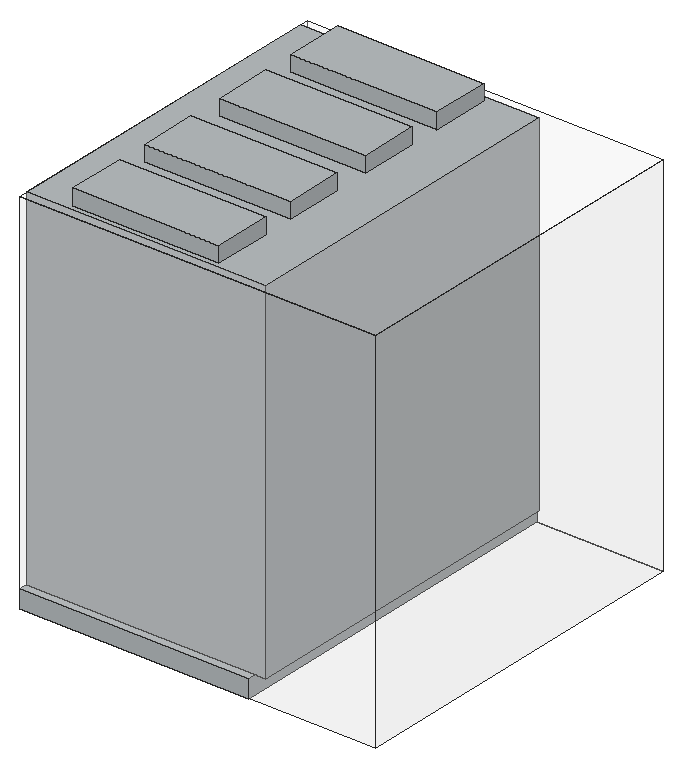
Revit family "lf-300_500x2-50_f60_50Hz", category 機械設備, Revit 2019
Family settings
  丸型コネクタ寸法 = 直径を使用
  パーツ タイプ = 標準
  OmniClass 番号 = 23.75.10.34.21
  OmniClass タイトル = Heat Exchangers for Ventilation Air
  作業面ベース = いいえ
  常に垂直 = はい
  ロード時にボイドで切り取り = いいえ
  共有 = いいえ
  部屋計算ポイント = はい
Parameters (values of type "LF-300X2-50")
  騒音レベル(dB(A)) = 51
  風量 = 3000.0 m³/h
  面風速 = 3.7 m/s
  電源種別 [instance] = ""
  電圧 = 200 V
  電動機出力 = 0 W
  集中コントローラ = ""
  運転質量 = 0.00 kg
  連動 [instance] = ""
  質量 = if(製品質量 > 運転質量, 製品質量, 運転質量) * 1.2  # 648.00 kg
  負荷分類 = 3_ファン類
  説明 = "設備用ロスナイ 床置形"
  設計風量 = 0.0 m³/h
  設置方法 = "床置形"
  記号 [instance] = ""
  製造元 = "三菱電機株式会社"
  製品質量 = 540.00 kg
  製品出荷対象 = "国内"
  製品リリース年月 = "2018/7/25"
  製品グループ = ""
  系統 [instance] = ""
  符号 = "HEU"
  積算_科目 = "1 空気調和設備"
  積算_拾い区分 [instance] = ""
  相 = 3
  盤記号 [instance] = ""
  発停方法 [instance] = ""
  特殊仕様 [instance] = ""
  火災停止 [instance] = ""
  温度交換効率 = 75.00%
  消費電力 = 2340 W
  法定耐用年数 = "15"
  機外静圧_排気 = 220.0 Pa
  機外静圧 = 220.0 Pa
  極数 = 3
  材質 [instance] = ""
  本体固定用穴ピッチ2 = 850 mm
  本体固定用穴ピッチ1 = 568 mm
  本体固定用穴_径 = 20 mm
  本体マテリアル = 溶融亜鉛めっき鋼板
  操作・制御方式 = ""
  操作・制御スイッチ = ""
  排気量 = 0.0 m³/h
  形式 = "床置形"
  幹線記号 [instance] = ""
  対象室 [instance] = ""
  実風量 = 0.0 m³/h
  始動方式 [instance] = "直入"
  外気量 = 0.0 m³/h
  呼称 = "全熱交換ユニット"
  周波数 = 50 Hz
  参照している仕様書等のバージョン = "公共建築工事標準仕様書（機械設備工事編）平成31年度版"
  初期抵抗 = 0.0 Pa
  分類コード = "50052504100050"
  分類グループ = ""
  価格 = 3813000
  企業コード = "108420"
  付属品_フィルター_還気 = ""
  付属品_フィルター = ""
  付属品 [instance] = ""
  仕様書バージョン = "Version1.0"
  モデル = "LF-300X2-50"
  メンテナンススペース = yes
  コメント [instance] = ""
  Keynote = ""
  エンタルピ交換効率_暖房 = 68.00%
  エンタルピ交換効率_冷房 = 65.00%
  Assembly Code = ""
  Width = 1220 mm
  W1 = 1170 mm
  Version = ""
  Uniclass2015Version = "Systems v1.9"
  Uniclass2015Title = "Thermal wheels"
  Uniclass2015Code = "Pr_60_60_36_88"
  URL = "https://www.mitsubishielectric.co.jp/ldg/wink/ssl/displayProduct.do?pid=294054"
  SpecificationReference = ""
  SpecificationDescription = ""
  SAサイズ_W = 748 mm
  SAサイズ_D = 298 mm
  Revision = ""
  RAサイズ_W = 748 mm
  RAサイズ_D = 298 mm
  ProductInformation = ""
  OmniClassCode = "23-27 23 19 11"
  OAサイズ_W = 748 mm
  OAサイズ_D = 298 mm
  MIN風量 = 0.0 m³/h
  MIN静圧 = 0.0 Pa
  MID風量 = 0.0 m³/h
  MID静圧 = 0.0 Pa
  MAX風量 = 3000.0 m³/h
  MAX静圧 = 220.0 Pa
  IfcTypeProduct = ""
  IfcProduct = ""
  IfcExportType = "ROTARYWHEEL"
  IfcExportAs = "IfcAirToAirHeatRecoveryType"
  Height = 1800 mm
  H1 = 90 mm
  EAサイズ_W = 748 mm
  EAサイズ_D = 298 mm
  Duct_Pitch2 = 458 mm
  Duct_Pitch1 = 479 mm
  Duct_Height = 80 mm
  Depth = 1750 mm
  D1 = 1840 mm
  Clearance Top = 0 mm
  Clearance Right = 600 mm
  Clearance Left = 0 mm
  Clearance Front = 0 mm
  Clearance Bottom = 0 mm
  Clearance Back = 0 mm
  Author = "三菱電機株式会社"
Types (6, lengths in mm): name | 騒音レベル(dB(A)) | 風量 | 面風速 | 質量 | 説明 | 製品質量 | 消費電力 | 機外静圧_排気 | 機外静圧 | 価格 | モデル | URL | MAX風量 | MAX静圧 | Height
  LF-300X2-50 | 51 | 3000.0 m³/h | 3.7 m/s | 648.00 kg | "設備用ロスナイ 床置形" | 540.00 kg | 2340 W | 220.0 Pa | 220.0 Pa | 3813000 | "LF-300X2-50" | "https://www.mitsubishielectric.co.jp/ldg/wink/ssl/displayProduct.do?pid=294054" | 3000.0 m³/h | 220.0 Pa | 1800
  LF-400X2-50 | 52.5 | 4000.0 m³/h | 4.94 m/s | 660.00 kg | "設備用ロスナイ 床置形" | 550.00 kg | 3140 W | 250.0 Pa | 250.0 Pa | 4538000 | "LF-400X2-50" | "https://www.mitsubishielectric.co.jp/ldg/wink/ssl/displayProduct.do?pid=294056" | 4000.0 m³/h | 250.0 Pa | 1800
  LF-500X2-50 | 53.5 | 5000.0 m³/h | 6.17 m/s | 744.00 kg | "設備用ロスナイ 床置形" | 620.00 kg | 3410 W | 215.0 Pa | 215.0 Pa | 5325000 | "LF-500X2-50" | "https://www.mitsubishielectric.co.jp/ldg/wink/ssl/displayProduct.do?pid=294058" | 5000.0 m³/h | 215.0 Pa | 2187
  LF-300X2-F60 | 52 | 3000.0 m³/h | 3.7 m/s | 648.00 kg | "設備用ロスナイ 床置形 インバータ端子付" | 540.00 kg | 2500 W | 320.0 Pa | 320.0 Pa | 4194000 | "LF-300X2-F60" | "https://www.mitsubishielectric.co.jp/ldg/wink/ssl/displayProduct.do?pid=294072" | 3000.0 m³/h | 320.0 Pa | 1800
  LF-400X2-F60 | 53.5 | 4000.0 m³/h | 4.94 m/s | 660.00 kg | "設備用ロスナイ 床置形 インバータ端子付" | 550.00 kg | 3000 W | 330.0 Pa | 330.0 Pa | 4993000 | "LF-400X2-F60" | "https://www.mitsubishielectric.co.jp/ldg/wink/ssl/displayProduct.do?pid=294073" | 4000.0 m³/h | 330.0 Pa | 1800
  LF-500X2-F60 | 54.5 | 5000.0 m³/h | 6.17 m/s | 744.00 kg | "設備用ロスナイ 床置形 インバータ端子付" | 620.00 kg | 3560 W | 215.0 Pa | 215.0 Pa | 5858000 | "LF-500X2-F60" | "https://www.mitsubishielectric.co.jp/ldg/wink/ssl/displayProduct.do?pid=294074" | 5000.0 m³/h | 215.0 Pa | 2187
Reference planes
  plane 1 "中心(正面/背面)": y = 0
  plane 2: z = 0
  plane 3 "中心(左/右)": x = 0
  plane 4: x = 585
  plane 5: x = 635
  plane 6: y = 875
  plane 7: y = 920
  plane 8: y = -875
  plane 9: y = -920
  plane 10: x = -585
  plane 11: x = -585
  plane 12: y = 239.5
  plane 13: y = 697.5
  plane 14: y = -239.5
  plane 15: y = -697.5
  plane 16: y = -548.5
  plane 17: y = -846.5
  plane 18: y = -90.5
  plane 19: y = -388.5
  plane 20: y = 388.5
  plane 21: y = 90.5
  plane 22: y = 846.5
  plane 23: y = 548.5
  plane 24: x = -374
  plane 25: x = 374
  plane 26: z = 90
  plane 27: z = 1890
  plane 28: z = 1970
  plane 29: y = 850
  plane 30: y = -850
  plane 31: x = -284
  plane 32: x = 284
  plane 33: x = 1235
  plane 34: x = -585
  plane 35: y = 920
  plane 36: y = -920
  plane 37: z = 1890
  plane 38: z = 0
Forms (mm)
  Extrusion 1, solid, material "溶融亜鉛めっき鋼板" <- "本体マテリアル", detail levels fine
    sketch origin (0, 0, 0) x (1, 0, 0) y (0, 1, 0)
      loop
        line (-585, 875) -> (-585, -875) -> (635, -875) -> (635, 875) -> (-585, 875)
    from 90 to 1890
  Extrusion 2, solid, material "溶融亜鉛めっき鋼板" <- "本体マテリアル", detail levels fine
    sketch origin (0, 0, 0) x (1, 0, 0) y (0, 1, 0)
      loop
        line (-585, 920) -> (-585, -920) -> (585, -920) -> (585, 920) -> (-585, 920)
    from 0 to 90
  Extrusion 3, solid, material "溶融亜鉛めっき鋼板" <- "本体マテリアル", detail levels fine
    sketch origin (0, 0, 0) x (1, 0, 0) y (0, 1, 0)
      loop
        line (-374, 846.5) -> (-374, 548.5) -> (374, 548.5) -> (374, 846.5) -> (-374, 846.5)
      loop
        line (-374, 388.5) -> (-374, 90.5) -> (374, 90.5) -> (374, 388.5) -> (-374, 388.5)
      loop
        line (-374, -388.5) -> (374, -388.5) -> (374, -90.5) -> (-374, -90.5) -> (-374, -388.5)
      loop
        line (-374, -548.5) -> (-374, -846.5) -> (374, -846.5) -> (374, -548.5) -> (-374, -548.5)
    from 1890 to 1970
Lines and regions (mm)
  Masking region 1, detail levels coarse+medium
    outline origin (1331.5, 88, 0) x (1, 0, 0) y (0, 1, 0)
      loop
        line (-1916.5, 832) -> (-1916.5, -1008) -> (-746.5, -1008) -> (-746.5, 832) -> (-1916.5, 832)
  symbolic lines, detail levels coarse+medium
    curve 1: line (0, 920, 0) -> (-585, 0, 0)
    curve 2: line (-585, 0, 0) -> (0, -920, 0)
    curve 3: line (0, -920, 0) -> (585, 0, 0)
    curve 4: line (0, 920, 0) -> (585, 0, 0)
Dimensions and locks
  equal spacing: plane 10, plane 3 "中心(左/右)", plane 4
  "W1": plane 10 to plane 4
  "Width": plane 11 to plane 5
  equal spacing: plane 7, plane 1 "中心(正面/背面)", plane 9
  "D1": plane 7 to plane 9
  equal spacing: plane 6, plane 1 "中心(正面/背面)", plane 8
  "Depth": plane 6 to plane 8
  equal spacing: plane 12, plane 1 "中心(正面/背面)", plane 14
  "Duct_Pitch1": plane 12 to plane 14
  "Duct_Pitch2": plane 13 to plane 12
  "Duct_Pitch2": plane 15 to plane 14
  equal spacing: plane 16, plane 15, plane 17
  "SAサイズ_D": plane 16 to plane 17
  equal spacing: plane 19, plane 14, plane 18
  "RAサイズ_D": plane 19 to plane 18
  equal spacing: plane 21, plane 12, plane 20
  "OAサイズ_D": plane 21 to plane 20
  equal spacing: plane 23, plane 13, plane 22
  "EAサイズ_D": plane 23 to plane 22
  equal spacing: plane 24, plane 3 "中心(左/右)", plane 25
  "SAサイズ_W": plane 24 to plane 25
  locked: plane 11 to plane 10 at 0
  "H1": plane 26 to level
  "Height": plane 27 to plane 26
  "Duct_Height": plane 28 to plane 27
  "本体固定用穴ピッチ2": plane 1 "中心(正面/背面)" to plane 29
  "本体固定用穴ピッチ2": plane 30 to plane 1 "中心(正面/背面)"
  equal spacing: plane 31, plane 3 "中心(左/右)", plane 32
  "本体固定用穴ピッチ1": plane 31 to plane 32
  "Clearance Right": plane 5 to plane 33
  "Clearance Left": plane 34 to plane 11
  "Clearance Top": plane 37 to plane 27
  "Clearance Bottom": level to plane 38
  "Clearance Front": plane 9 to plane 36
  "Clearance Back": plane 35 to plane 7
  aligned and locked: level to plane 2
  aligned and locked: Extrusion 1 sketch curve to plane 6
  aligned and locked: plane 10 to Extrusion 1 sketch curve
  aligned and locked: Extrusion 1 sketch curve to plane 8
  aligned and locked: Extrusion 2 sketch curve to plane 7
  aligned and locked: plane 11 to Extrusion 2 sketch curve
  aligned and locked: Extrusion 2 sketch curve to plane 9
  aligned and locked: Extrusion 3 sketch curve to plane 22
  aligned and locked: plane 24 to Extrusion 3 sketch curve  (x3)
  aligned and locked: Extrusion 3 sketch curve to plane 23
  aligned and locked: plane 25 to Extrusion 3 sketch curve  (x3)
  aligned and locked: Extrusion 3 sketch curve to plane 20
  aligned and locked: Extrusion 3 sketch curve to plane 21
  aligned and locked: plane 19 to Extrusion 3 sketch curve
  aligned and locked: Extrusion 3 sketch curve to plane 24
  aligned and locked: plane 18 to Extrusion 3 sketch curve
  aligned and locked: Extrusion 3 sketch curve to plane 25
  aligned and locked: Extrusion 3 sketch curve to plane 16
  aligned and locked: Extrusion 3 sketch curve to plane 17
  aligned and locked: plane 9 to Masking region 1
  aligned and locked: Masking region 1 to plane 11
  aligned and locked: plane 7 to Masking region 1
  aligned and locked: Masking region 1 to curve 1
  aligned and locked: Masking region 1 to curve 2
  aligned and locked: plane 26 to Extrusion 2
  aligned and locked: plane 27 to Extrusion 1
  aligned and locked: Extrusion 1 to plane 26
  aligned and locked: plane 28 to Extrusion 3
  aligned and locked: Extrusion 3 to plane 27
  aligned and locked: plane 33 to nested 1
  aligned and locked: nested 1 to plane 35
  aligned and locked: nested 1 to plane 37
  aligned and locked: nested 1 to plane 38
  aligned and locked: plane 9 to curve 2
  aligned and locked: plane 3 "中心(左/右)" to curve 3
  aligned and locked: plane 4 to curve 3
  aligned and locked: plane 3 "中心(左/右)" to curve 4
  aligned and locked: plane 1 "中心(正面/背面)" to curve 4
  aligned and locked: plane 30 to nested 2
  aligned and locked: plane 31 to nested 2
  aligned and locked: nested 2 to plane 32
  aligned and locked: plane 31 to nested 3
  aligned and locked: nested 3 to plane 32
  aligned and locked: plane 1 "中心(正面/背面)" to nested 3
  aligned and locked: plane 31 to nested 4
  aligned and locked: nested 4 to plane 32
  aligned and locked: nested 4 to plane 29
  aligned and locked: nested 1 to plane 34
  aligned and locked: Masking region 1 to plane 4
  aligned and locked: plane 4 to Extrusion 2 sketch curve
  aligned and locked: plane 5 to Extrusion 1 sketch curve
  aligned and locked: nested 5 to plane 3 "中心(左/右)"
  aligned and locked: nested 5 to plane 29
  aligned and locked: plane 30 to nested 5
  aligned and locked: nested 1 to plane 36
Automatic sketch dimensions
  plane 9 to Masking region 1 sketch curve = 0 mm
  Masking region 1 sketch curve to plane 10 = 0 mm
  plane 5 to Masking region 1 sketch curve = 50 mm
  Masking region 1 sketch curve to plane 7 = 0 mm
  plane 1 "中心(正面/背面)" to curve 1 = 0 mm
  curve 1 to plane 10 = 0 mm
  curve 4 to plane 7 = 0 mm
Nested families
  nested 1: "メンテナンススペース" at (325, 0, 945), visible <- "メンテナンススペース", type "メンテナンススペース"
    with Width 1820 mm, Height 1890 mm, Depth 1840 mm
  nested 2: "固定点" at (-284, -850, 0), type "固定点"
    with W 568 mm, D 1000 mm
  nested 3: "固定点" at (-284, 0, 0), type "固定点"
    with W 568 mm, D 1000 mm
  nested 4: "固定点" at (-284, 850, 0), type "固定点"
    with W 568 mm, D 1000 mm
  nested 5: "固定点" at (0, 850, 0) x (0, -1, 0) z (0, 0, 1), type "固定点"
    with W 1700 mm, D 1000 mm
Connectors
  hvac at (0, -697.5, 1970), driven by "SAサイズ_D", driven by "SAサイズ_W", driven by "機外静圧", driven by "風量"
    settings: on Extrusion 3, index 1, duct flow 3000.0 m³/h, flow factor 0, pres drop 220.0 Pa, loss coef 0, conn angle 0.00°, conn width 748 mm, conn height 298 mm, conn diameter 609.6 mm, duct sys type 1, conn prof type 1, flow config 0, flow direction 2, loss method 4, conn ref index -1, conn util no, is conn primary yes, conn desc ""
  hvac at (0, -239.5, 1970), driven by "RAサイズ_D", driven by "RAサイズ_W", driven by "機外静圧", driven by "風量"
    settings: on Extrusion 3, index 2, duct flow 3000.0 m³/h, flow factor 0, pres drop 220.0 Pa, loss coef 0, conn angle 0.00°, conn width 748 mm, conn height 298 mm, conn diameter 609.6 mm, duct sys type 2, conn prof type 1, flow config 0, flow direction 1, loss method 4, conn ref index -1, conn util no, is conn primary no, conn desc ""
  hvac at (0, 239.5, 1970), driven by "OAサイズ_D", driven by "OAサイズ_W", driven by "機外静圧", driven by "外気量"
    settings: on Extrusion 3, index 3, duct flow 0.0 m³/h, flow factor 0, pres drop 220.0 Pa, loss coef 0, conn angle 0.00°, conn width 748 mm, conn height 298 mm, conn diameter 609.6 mm, duct sys type 4, conn prof type 1, flow config 0, flow direction 1, loss method 4, conn ref index -1, conn util no, is conn primary no, conn desc ""
  hvac at (0, 697.5, 1970), driven by "EAサイズ_D", driven by "EAサイズ_W", driven by "機外静圧_排気", driven by "排気量"
    settings: on Extrusion 3, index 4, duct flow 0.0 m³/h, flow factor 0, pres drop 220.0 Pa, loss coef 0, conn angle 0.00°, conn width 748 mm, conn height 298 mm, conn diameter 609.6 mm, duct sys type 3, conn prof type 1, flow config 0, flow direction 2, loss method 4, conn ref index -1, conn util no, is conn primary no, conn desc ""
  electrical at (635, 0, 990), driven by "極数", driven by "負荷分類", driven by "電圧", driven by "消費電力"
    settings: on Extrusion 1, index 5, voltage 200 V, apparent load 2340 VA, apparent load phase1 0 VA, apparent load phase2 0 VA, apparent load phase3 0 VA, power factor 1, load classification "3_ファン類", number of poles 3, system type 30, power factor state 1, is connector primary yes, connector utility no, sub classification motor no, connector description ""
Definition of nested family "メンテナンススペース"
  Parameters (values of type "メンテナンススペース")
    Width [instance] = 500 mm
    Height [instance] = 500 mm
    Depth [instance] = 500 mm
  Reference planes
    plane 1 "中心(正面/背面)": y = 0
    plane 2: z = 0
    plane 3 "中心(左/右)": x = 0
    plane 4: y = -250
    plane 5: x = 250
    plane 6: y = 250
    plane 7: x = -250
    plane 8: z = 250
    plane 9: z = -250
  Forms (mm)
    Extrusion 1, solid
      sketch origin (-638.939, 0, 72.39) x (1, 0, 0) y (0, 1, 0)
        loop
          line (388.939, 250) -> (388.939, -250) -> (888.939, -250) -> (888.939, 250) -> (388.939, 250)
      from -322.39 to 177.61
  Lines and regions (mm)
    symbolic lines
      curve 1: line (-250, 0, 250) -> (250, 0, 250)
      curve 2: line (-250, 0, -250) -> (-250, 0, 250)
      curve 3: line (250, 0, -250) -> (-250, 0, -250)
      curve 4: line (250, 0, 250) -> (250, 0, -250)
      curve 5: line (0, -250, 250) -> (0, 250, 250)
      curve 6: line (0, -250, -250) -> (0, -250, 250)
      curve 7: line (0, 250, -250) -> (0, -250, -250)
      curve 8: line (0, 250, 250) -> (0, 250, -250)
      curve 9: line (-250, 250, 0) -> (250, 250, 0)
      curve 10: line (-250, -250, 0) -> (-250, 250, 0)
      curve 11: line (250, -250, 0) -> (-250, -250, 0)
      curve 12: line (250, 250, 0) -> (250, -250, 0)
  Dimensions and locks
    equal spacing: plane 7, plane 3 "中心(左/右)", plane 5
    equal spacing: plane 4, plane 1 "中心(正面/背面)", plane 6
    "Depth": plane 4 to plane 6
    "Width": plane 7 to plane 5
    equal spacing: plane 8, plane 2, plane 9
    "Height": plane 8 to plane 9
    aligned and locked: plane 9 to curve 3
    aligned and locked: plane 7 to curve 2
    aligned and locked: curve 4 to plane 5
    aligned and locked: plane 5 to Extrusion 1
    aligned and locked: Extrusion 1 to plane 7
    aligned and locked: Extrusion 1 to plane 9
    aligned and locked: plane 8 to Extrusion 1
    aligned and locked: plane 9 to curve 7
  Automatic sketch dimensions
    plane 4 to Extrusion 1 sketch curve = 0 mm
    Extrusion 1 sketch curve to plane 7 = 0 mm
    Extrusion 1 sketch curve to plane 5 = 0 mm
    plane 6 to Extrusion 1 sketch curve = 0 mm
    curve 2 to plane 8 = 0 mm
    plane 4 to curve 11 = 0 mm
    curve 11 to plane 7 = 0 mm
    curve 11 to plane 5 = 0 mm
    plane 6 to curve 10 = 0 mm
    curve 7 to plane 4 = 0 mm
    curve 7 to plane 6 = 0 mm
    curve 6 to plane 8 = 0 mm
Definition of nested family "固定点"
  Parameters (values of type "固定点")
    中心円 = 20 mm
    W [instance] = 1000 mm
    D [instance] = 1000 mm
  Reference planes
    plane 1 "中心(正面/背面)": y = 0
    plane 2: z = 0
    plane 3 "中心(左/右)": x = 0
    plane 4: x = 1000
  Lines and regions (mm)
    symbolic lines, detail levels fine
      curve 1: circle (0, 0, 0) r 10 normal (0, 0, 1)
      curve 2: circle (1000, 0, 0) r 10 normal (0, 0, 1)
      curve 3: line (-200, 0, 0) -> (1200, 0, 0)
      curve 4: line (0, 200, 0) -> (0, -200, 0)
      curve 5: line (1000, 200, 0) -> (1000, -200, 0)
  Dimensions and locks
    "W": plane 3 "中心(左/右)" to plane 4
    "中心円": diameter of curve 1
    "中心円": diameter of curve 2
    aligned and locked: level to plane 2
    aligned and locked: plane 3 "中心(左/右)" to curve 1
    aligned and locked: plane 1 "中心(正面/背面)" to curve 1
    aligned and locked: plane 1 "中心(正面/背面)" to curve 2
    aligned and locked: plane 4 to curve 2
    aligned and locked: plane 1 "中心(正面/背面)" to curve 3
    aligned and locked: curve 4 to plane 3 "中心(左/右)"
    aligned and locked: curve 5 to plane 4
  Automatic sketch dimensions
    curve 3 to plane 3 "中心(左/右)" = 200 mm
    curve 2 to curve 3 = 200 mm
    plane 1 "中心(正面/背面)" to curve 4 = 200 mm
    plane 1 "中心(正面/背面)" to curve 5 = 200 mm
    curve 5 to plane 1 "中心(正面/背面)" = 200 mm
    curve 4 to plane 1 "中心(正面/背面)" = 200 mm
